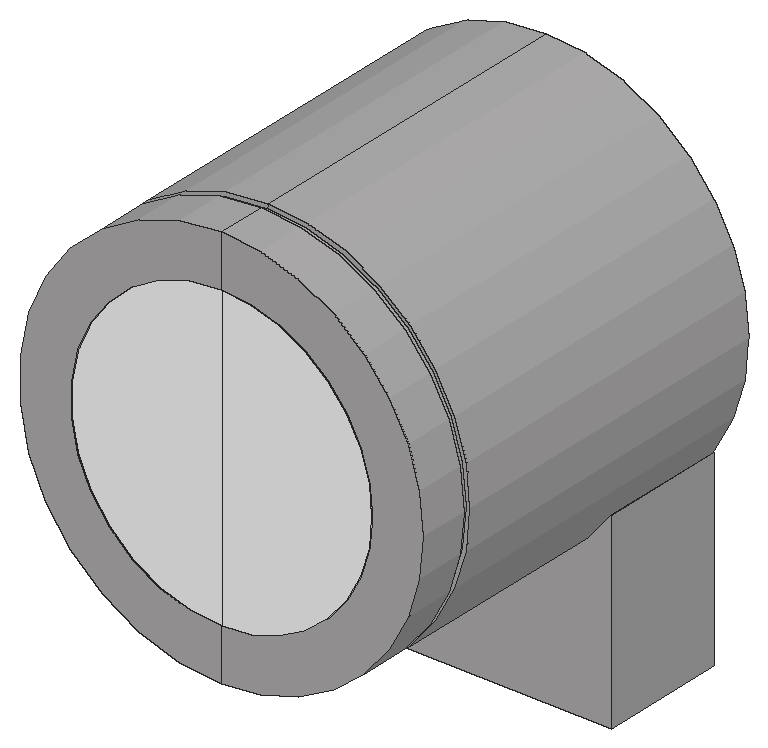
Revit family "Simes_Loft_Round_Wall mounted", category Lighting Fixtures, host Face, Revit 2018
Family settings
  Host = Face
  Round Connector Dimension = Use Diameter
  Part Type = Normal
  Cut with Voids When Loaded = No
  Light Source = No
  Shared = No
  Room Calculation Point = No
Parameters (values of type "S.6680W.14_LOFT WALL_34°_3000K_1089lm_21.5W_Aluminium grey")
  Youtube clip = ""
  Weight Net (Kg) = "0"
  Uniformat II Description = "Lighting & Branch Wiring"
  Uniformat II Code = "D5020"
  Uniclass 2015 Name = "Lighting"
  Uniclass 2015 Code = "EF_70_80"
  Uniclass 2.0 Description = "Luminaires And Lamps"
  Uniclass 2.0 Code = "PR-49"
  Uniclass 1.4 Description = "Luminaires and lamps"
  Uniclass 1.4 Code = "JY73"
  URL = "https://www.simes.it/en/"
  UNSPSC Code = ""
  Type Image = Loft_Tondo.jpg
  TotalWattage = SIMES_Rated Wattage / 1 VA  # 21.5
  Technical description = "http://www.simes.it/download/catalogoeng/LOFT.pdf"
  Status = "UNSET"
  SensibleLoadToRadiant = 0
  SIMES_Weigth = 2.90 kg
  SIMES_Warranty Period = "3 years"
  SIMES_Supply Voltage Min = 220 V
  SIMES_Supply Voltage Max = 240 V
  SIMES_Supply Voltage = 230 V
  SIMES_Source Luminous Flux = 1620 lm
  SIMES_Remote Power Supply = "n/a"
  SIMES_Rated Wattage = 21.5 VA
  SIMES_Rated Luminous Flux = 1089 lm
  SIMES_Protection Class = "I"
  SIMES_Product Page URL = "https://www.simes.it/en/catalogue/risultati_ricerca.php?q=6680&w=code"
  SIMES_Product Description = "A complete set of fittings available in three sizes with different light sources allowing for diverse applications."
  SIMES_Product Data Sheet URL = "https://www.simes.it/en/catalogue/codice.php?id=2473"
  SIMES_Product Code = "S.6680W.14"
  SIMES_Number of Poles = 1
  SIMES_Nominal Width = 155 mm
  SIMES_Nominal Length = 155 mm
  SIMES_Nominal Height = 155 mm
  SIMES_Mounting Type = "Wall mounted"
  SIMES_Model = "LOFT ROUND WALL 34°"
  SIMES_Material Description = "Aluminium body"
  SIMES_Manufacturer Comment = "n/a"
  SIMES_Luminous Efficacy = 0 lm/W
  SIMES_Light Source Type = "LED"
  SIMES_Lamp Count = 1
  SIMES_LED Lifetime = "50.000 hours referred to L70 B20 Ta 25°C"  # constant formula
  SIMES_Installation Note URL = "https://www.simes.it/download/montaggio/ISTRLOFTPARE.pdf"
  SIMES_IP Rating = "IP65"
  SIMES_IK Rating = "IK 06"
  SIMES_Frequency = "AC 50-60Hz / DC"
  SIMES_Finishes = "14 Aluminium Grey"
  SIMES_Energy Efficiency Class = "A+"
  SIMES_Disclaimer = "Under no circumstances SIMES S.p.A. will be held responsible or liable in any way for any direct or indirect losses,"  # constant formula
  SIMES_Dimmable = "n/a"
  SIMES_Current = 0 A
  SIMES_Control Gear = "Electronic ballast"
  SIMES_Color Temperature = 3000 K
  SIMES_Cable Length = "0.0m"
  SIMES_CRI = "CRI90"
  SIMES_Beam Angle = 34.00°
  SIMES_Approval Mark = "CE"
  Region South America = "AR, BO, BR, CL, CO, EC, FK, GF, GY, PE, PY, SR, UY, VE"
  Region Oceania = "AS, AU, CK, FJ, FM, GU, KI, MH, MP, NC, NF, NR, NU, NZ, PF, PG, PN, PW, SB, TK, TL, TO, TV, UM, WF, WS, VU"
  Region North America = "AG, AI, AW, BB, BL, BM, BQ, BS, BZ, CA, CR, CU, CW, DM, DO, GD, GL, GP, GT, HN, HT, JM, KN, KY, LC, MF, MQ, MS, MX, NI, PA, PM, PR, SV, SX, TC, TT, US, VC, VG, VI"
  Region Middle East = "AE, AF, BH, EG, IL, IQ, IR, JO, KW, LB, OM, PS, QA, SA, SY, TR, YE"
  Region Europe = "AD, AL, AT, AX, BA, BE, BG, BY, CH, CY, CZ, DE, DK, EE, ES, FI, FO, FR, GB, GG, GI, GR, HR, HU, IE, IM, IS, IT, JE, LI, LT, LU, LV, MC, MD, ME, MK, MT, NL, NO, PL, PT, RO, RS, RU, SE, SI, SJ, SK, SM, UA, VA"
  Region Asia = "AM, AZ, BD, BN, BT, CC, CN, CX, GE, HK, ID, IN, IO, JP, KG, KH, KP, KR, KZ, LA, LK, MM, MN, MO, MV, MY, NP, PH, PK, SG, TH, TJ, TM, TW, UZ, VN"
  Region Antarctica = "BV, GS, HM, TF"
  Region Africa = "AO, BF, BI, BJ, BW, CD, CF, CG, CI, CM, CV, DJ, DZ, EH, ER, ET, GA, GH, GM, GN, GQ, GW, KE, KM, LR, LS, LY, MA, MG, ML, MR, MU, MW, MZ, NA, NE, NG, RE, RW, SC, SD, SH, SL, SN, SO, SS, ST, SZ, TD, TG, TN, TZ, UG, YT, ZA, ZM, ZW"
  Reference = SIMES_Model  # "LOFT ROUND WALL 34°"
  RatedVoltage = SIMES_Supply Voltage / 1 V  # 230
  RatedCurrent = SIMES_Current / 1 A  # 0
  QR code = "http://bimobject.com/simes/product/LOFT_ROUND_APPLIQUE"
  Product url = "http://www.simes.it/loft"
  Product group = "LOFT"
  Product family = "Applique"
  Product data url = "https://bimobject.com/simes/product/LOFT_ROUND_APPLIQUE"
  Product certification = "http://www.simes.it/download/catalogoeng/LOFT.pdf"
  Product SKU = "LOFT_ROUND_APPLIQUE"
  Product Guid = "cd187118-3208-4f10-8a53-f4cbdb417dac"
  PowerFactor = 0
  Photometric_Type = Simes_Loft_Photometrics : S.6680W
  OmniClass Description = "Lighting Fixtures"
  OmniClass Code = "23-35 47 11"
  NumberOfSources = SIMES_Lamp Count  # 1
  NumberOfPoles = SIMES_Number of Poles  # 1
  NominalFrequencyRange = "50/60 Hz"
  Nominal width = 0 mm
  Nominal height = 0 mm
  NBS Reference Description = "Luminaires And Lamps"
  NBS Reference Code = "49"
  Model = SIMES_Model  # "LOFT ROUND WALL 34°"
  MaximumSpaceSensibleLoad = 0
  MaximumPlenumSensibleLoad = 0
  Material secondary = "Glass"
  Material main = "Aluminium"
  Masterformat 2014 Description = "Exterior Lighting"
  Masterformat 2014 Code = "26 56 00"
  Manufacturer name = "Simes"
  Manufacturer country = "Italy"
  Manufacturer = "SIMES S.p.A."  # constant formula
  MaintenanceFactor = 0
  LightFixturePlacingType = "UNSET"
  LightFixtureMountingType = "UNSET"
  Light Source = SIMES_Light Source
  Lamp = SIMES_Light Source Type  # "LED"
  InsulationStandardClass = SIMES_Protection Class  # "I"
  Installation instructions = "http://www.simes.it/download/montaggio/ISTRLOFTTONDO.pdf"
  IfcExportType = "DIRECTION SOURCE"  # constant formula
  IfcExportAs = "IfcLightFixtureType"  # constant formula
  IP_Code = SIMES_IP Rating  # "IP65"
  IK_Code = SIMES_IK Rating  # "IK 06"
  IFC Classification = "Light Fixture"
  HasProtectiveEarth = yes
  Ground Stake = SIMES_Black_Polipropilene
  GTIN code = ""
  Edition number = 3
  Design country = "Italy"
  Description = SIMES_Product Description  # "A complete set of fittings available in three sizes with different light sources allowing for diverse applications."
  Default Elevation = 1219.2 mm
  Date of publishing = "11/5/2015"
  ConductorFunction = "n/a"
  COBIe Type Category = ""
  Brand url = "http://www.simes.it/en/"
  Body = SIMES_14_Aluminium grey
  BIMobject main category code = "lighting"
  BIMobject main category = "Lighting"
  BIMobject category code = "lighting-outside"
  BIMobject category = "Outside"
  Assembly Code = "D5020"
  Apparent Load = SIMES_Rated Wattage * 1.1  # 23.65 VA
Types (8, lengths in mm): name | SIMES_Source Luminous Flux | SIMES_Rated Luminous Flux | SIMES_Product Page URL | SIMES_Product Data Sheet URL | SIMES_Product Code | SIMES_Model | SIMES_Finishes | SIMES_Color Temperature | SIMES_Beam Angle | Reference | Photometric_Type | Model | Body
  S.6680W.14_LOFT WALL_34°_3000K_1089lm_21.5W_Aluminium grey | 1620 lm | 1089 lm | "https://www.simes.it/en/catalogue/risultati_ricerca.php?q=6680&w=code" | "https://www.simes.it/en/catalogue/codice.php?id=2473" | "S.6680W.14" | "LOFT ROUND WALL 34°" | "14 Aluminium Grey" | 3000 K | 34.00° | "LOFT ROUND WALL 34°" | Simes_Loft_Photometrics : S.6680W | "LOFT ROUND WALL 34°" | SIMES_14_Aluminium grey
  S.6680W.01_LOFT WALL_34°_3000K_1089lm_21.5W_White | 1620 lm | 1089 lm | "https://www.simes.it/en/catalogue/risultati_ricerca.php?q=6680&w=code" | "https://www.simes.it/en/catalogue/codice.php?id=2473" | "S.6680W.01" | "LOFT ROUND WALL 34°" | "01 White" | 3000 K | 34.00° | "LOFT ROUND WALL 34°" | Simes_Loft_Photometrics : S.6680W | "LOFT ROUND WALL 34°" | SIMES_01_White
  S.6680N.14_LOFT WALL_34°_4000K_1176lm_21.5W_Aluminium grey | 1749 lm | 1176 lm | "https://www.simes.it/en/catalogue/risultati_ricerca.php?q=6680&w=code" | "https://www.simes.it/en/catalogue/codice.php?id=3852" | "S.6680N.14" | "LOFT ROUND WALL 34°" | "14 Aluminium Grey" | 4000 K | 34.00° | "LOFT ROUND WALL 34°" | Simes_Loft_Photometrics : S.6680N | "LOFT ROUND WALL 34°" | SIMES_14_Aluminium grey
  S.6680N.01_LOFT WALL_34°_4000K_1176lm_21.5W_White | 1749 lm | 1176 lm | "https://www.simes.it/en/catalogue/risultati_ricerca.php?q=6680&w=code" | "https://www.simes.it/en/catalogue/codice.php?id=3852" | "S.6680N.01" | "LOFT ROUND WALL 34°" | "01 White" | 4000 K | 34.00° | "LOFT ROUND WALL 34°" | Simes_Loft_Photometrics : S.6680N | "LOFT ROUND WALL 34°" | SIMES_01_White
  S.6689W.14_LOFT WALL_12°_3000K_1108lm_21.5W_Aluminium grey | 1620 lm | 1108 lm | "https://www.simes.it/en/catalogue/risultati_ricerca.php?q=6689&w=code" | "https://www.simes.it/en/catalogue/codice.php?id=1900" | "S.6689W.14" | "LOFT ROUND WALL 12°" | "14 Aluminium Grey" | 3000 K | 12.00° | "LOFT ROUND WALL 12°" | Simes_Loft_Photometrics : S.6689W | "LOFT ROUND WALL 12°" | SIMES_14_Aluminium grey
  S.6689W.01_LOFT WALL_12°_3000K_1108lm_21.5W_White | 1620 lm | 1108 lm | "https://www.simes.it/en/catalogue/risultati_ricerca.php?q=6689&w=code" | "https://www.simes.it/en/catalogue/codice.php?id=1900" | "S.6689W.01" | "LOFT ROUND WALL 12°" | "01 White" | 3000 K | 12.00° | "LOFT ROUND WALL 12°" | Simes_Loft_Photometrics : S.6689W | "LOFT ROUND WALL 12°" | SIMES_01_White
  S.6689N.14_LOFT WALL_12°_4000K_1197lm_21.5W_Aluminium grey | 1749 lm | 1197 lm | "https://www.simes.it/en/catalogue/risultati_ricerca.php?q=6689&w=code" | "https://www.simes.it/en/catalogue/codice.php?id=3853" | "S.6689N.14" | "LOFT ROUND WALL 12°" | "14 Aluminium Grey" | 4000 K | 12.00° | "LOFT ROUND WALL 12°" | Simes_Loft_Photometrics : S.6689N | "LOFT ROUND WALL 12°" | SIMES_14_Aluminium grey
  S.6689N.01_LOFT WALL_12°_4000K_1197lm_21.5W_White | 1749 lm | 1197 lm | "https://www.simes.it/en/catalogue/risultati_ricerca.php?q=6689&w=code" | "https://www.simes.it/en/catalogue/codice.php?id=3853" | "S.6689N.01" | "LOFT ROUND WALL 12°" | "01 White" | 4000 K | 12.00° | "LOFT ROUND WALL 12°" | Simes_Loft_Photometrics : S.6689N | "LOFT ROUND WALL 12°" | SIMES_01_White
Reference planes
  plane 1 "Center (Front/Back)": y = 0
  plane 2: z = 0
  plane 3 "Center (Left/Right)": x = 0
Forms (mm)
  Extrusion 1, solid, material "SIMES_14_Aluminium grey" <- "Body", detail levels medium+fine
    sketch origin (0, 0, 0) x (0, 1, 0) y (0, 0, 1)
      loop
        line (-24.641, 73.945) -> (-24.641, 0) -> (24.641, 0) -> (24.641, 73.945) -> (-24.641, 73.945)
    from -65 to 65
  Extrusion 2, solid, material "SIMES_14_Aluminium grey" <- "Body", detail levels coarse
    sketch origin (0, 0, 0) x (0, 1, 0) y (0, 0, 1)
      loop
        line (24.641, 196.864) -> (-132.551, 196.864) -> (-132.551, 0) -> (24.641, 0) -> (24.641, 196.864)
    from -77.5 to 77.5
  Revolve 3, solid, material "SIMES_14_Aluminium grey" <- "Body", detail levels medium+fine
    sketch origin (0, 0, 0) x (0, 1, 0) y (0, 0, 1)
      loop
        line (-113.097, 118.438) -> (24.641, 118.438) -> (24.641, 196.864) -> (-110.091, 196.864) -> (-110.091, 195.208) -> (-113.097, 195.208) -> (-113.097, 196.864) -> (-132.551, 196.864) -> (-132.551, 176.864) -> (-129.469, 176.864) -> (-129.469, 118.438) -> (-113.097, 118.438)
      axis (-132.551, 118.438) -> (24.641, 118.438)
    angle from 0 to 360
  Revolve 4, solid, material "SIMES_Light Source" <- "Light Source", detail levels medium+fine
    sketch origin (0, 0, 0) x (0, 1, 0) y (0, 0, 1)
      loop
        line (-129.469, 118.438) -> (-129.469, 176.864) -> (-132.551, 176.864) -> (-132.551, 118.438) -> (-129.469, 118.438)
      axis (-129.469, 118.438) -> (-132.551, 118.438)
    angle from 0 to 360
Cuts and joins
  joined: Extrusion 1, Revolve 3
Dimensions and locks
  aligned and locked: plane 2 to host face
  aligned and locked: level to host face
Nested families
  nested 1: "Simes_Loft_Photometrics" at (0.262, -174.727, 116.396) x (0, 0, -1) z (0, -1, 0), type <- "Photometric_Type", type "S.6680W"
Connectors
  electrical at (0, 0, 0), driven by "SIMES_Supply Voltage", driven by "Apparent Load", driven by "PowerFactor"
    settings: on Extrusion 1, index 1, voltage 230 V, apparent load 23.65 VA, apparent load phase1 0 VA, apparent load phase2 0 VA, apparent load phase3 0 VA, power factor 0, load classification "Lighting", number of poles 1, system type 30, power factor state 1, is connector primary yes, connector utility no, sub classification motor no, connector description ""
Definition of nested family "Simes_Loft_Photometrics"
  Parameters (values of type "S.6680W")
    Wattage = 17.0476 W
    Tilt Angle = 90.00°
    Photometric Web File = "S6680W.ies"
    Manufacturer = "SIMES S.P.A."  # constant formula
    Emit from Circle Diameter = 125 mm
    Emit Shape Visible in Rendering = no
    Dimming Lamp Color Temperature Shift = (empty or 0)
    built-in parameter 1150107 = 3000 (stored number, unit not read)
    Default Elevation = 1219.2 mm
    built-in parameter 1150110 = 1 (stored number, unit not read)
    built-in parameter 1150109 = 1 (stored number, unit not read)
    built-in parameter 1114218 = 1 (stored number, unit not read)
    built-in parameter 1150112 = 1 (stored number, unit not read)
    built-in parameter 1150137 = (empty or 0)
    built-in parameter 1150132 = 2
    built-in parameter 1150105 = 4478.9 (stored number, unit not read)
    built-in parameter 1150102 = 1850
    built-in parameter 1150106 = 44.789 (stored number, unit not read)
    Lumens = 1089 lm
    Color Filter = 16777215
    built-in parameter 1114217 = 1 (stored number, unit not read)
    built-in parameter 1150139 = (empty or 0)
    built-in parameter 1150104 = 5.9346 (stored number, unit not read)
    built-in parameter 1150115 = 1 (stored number, unit not read)
    built-in parameter 1150114 = 1 (stored number, unit not read)
    built-in parameter 1150113 = 1 (stored number, unit not read)
    built-in parameter 1150134 = (empty or 0)
    built-in parameter 1150138 = (empty or 0)
    built-in parameter 1150133 = 10 (stored number, unit not read)
  Types (4, lengths in mm): name | Wattage | Photometric Web File | built-in parameter 1150107 | built-in parameter 1150105 | built-in parameter 1150106 | Lumens | built-in parameter 1150134
    S.6680W | 17.0476 W | "S6680W.ies" | 3000 (stored number, unit not read) | 4478.9 (stored number, unit not read) | 44.789 (stored number, unit not read) | 1089 lm | (empty or 0)
    S.6680N | 18.4095 W | "S6680W.ies" | 4000 (stored number, unit not read) | 4836.7 (stored number, unit not read) | 48.367 (stored number, unit not read) | 1176 lm | 12
    S.6689W | 17.345 W | "S6689W.ies" | 3000 (stored number, unit not read) | 24785.5 (stored number, unit not read) | 247.86 (stored number, unit not read) | 1108 lm | (empty or 0)
    S.6689N | 18.7383 W | "S6689W.ies" | 4000 (stored number, unit not read) | 26776.4 (stored number, unit not read) | 267.76 (stored number, unit not read) | 1197 lm | 12
  Reference planes
    plane 1 "Centro (Fronte/Retro)": y = 0
    plane 2: z = 0
    plane 3 "Centro (Sinistra/Destra)": x = 0
  Forms (mm)
    Extrusion 1, solid
      sketch origin (0, 0, 0) x (1, 0, 0) y (0, 1, 0)
        loop
          line (-1219.2, 1219.2) -> (-1219.2, -1219.2) -> (1219.2, -1219.2) -> (1219.2, 1219.2) -> (-1219.2, 1219.2)
      from 0 to -304.8
  Dimensions and locks
    aligned and locked: plane 2 to Extrusion 1
    aligned and locked: level to Extrusion 1
